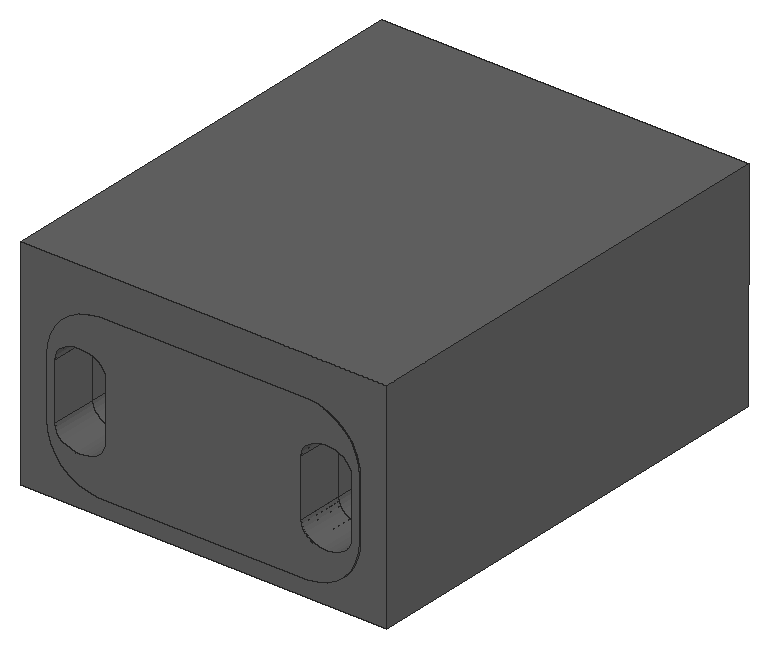
Revit family "AD-S.SUB - V Mount - Face-Based", category Generic Models, host Face, Revit 2015
Parameters
  Width = "8.2in(209mm)"
  Weight Product = "23.6lb (10.7kg)"
  URL = "https://www.qsc.com/systems/products/loudspeakers/small-format-subsat/acousticdesign-series-subsat-loudspeakers/ad-s-sub/"
  Sensitivity = "86dB"
  SPL Max = "100/106dB"
  Regulatory Compliance = "Transformer UL registered per UL1876, ROHS, CE compliant"
  Product Documentation Link = "https://www.qsc.com/resource-files/productresources/spk/ad/ad-s.sub/q_spk_ads_sub_specs.pdf"
  Model = "AD-S.SUB"
  Manufacturer = "QSC"
  Manfacturer URL = "www.qsc.com"
  Height = "13.8in(350mm)"
  Description = "6.5-inch Dual Voice Coil, Small Format Surface Subwoofer"
  Depth = "17in(432mm)"
  Default Elevation = 0' - 0"
  Coverage = "omnidirectional"
Reference planes (in)
  plane 1 "Center (Front/Back)": y = 0
  plane 2: z = 0
  plane 3 "Center (Left/Right)": x = 0
Dimensions and locks (in)
  aligned and locked: plane 2 to host face
  aligned and locked: level to host face
Nested families (in)
  nested 1: "AD-S.SUB - V Mount" at (1.56299, -13.16605, 0) x (0, 0, 1) z (0, -1, 0), type "AD-S.SUB - V Mount"
Definition of nested family "AD-S.SUB - V Mount"
  Parameters (values of type "AD-S.SUB - V Mount")
    Width = 0' - 8.22835"
    URL = "https://www.qsc.com/systems/products/loudspeakers/small-format-subsat/acousticdesign-series-subsat-loudspeakers/ad-s-sub/"
    Sensitivity = 86
    SPL Max = 100
    Product Page URL = "https://www.qsc.com/systems/products/loudspeakers/small-format-subsat/acousticdesign-series-subsat-loudspeakers/ad-s-sub/"
    Weight Product (kg) = 10.7
    Weight Product (lb) = 23.6
    Product Documentation URL = "https://www.qsc.com/resource-files/productresources/spk/ad/ad-s.sub/q_spk_ads_sub_specs.pdf"
    Model = "AD-S.SUB"
    Manufacturer URL = "www.qsc.com"
    Manufacturer = "QSC"
    Height = 1' - 1.77953"
    Grille Finish = none
    Enclosure Finish = none
    Description = "6.5-inch Dual Voice Coil, Small Format Surface Subwoofer"
    Depth = 1' - 5.00787"
  Reference planes (in)
    plane 1 "Center (Front/Back) (Grille Extent)": y = 0
    plane 2: z = 0
    plane 3 "Center (Left/Right)": x = 0
    plane 4 "Rotation Axis Plane": y = 131.92913
    plane 5: x = 0.15748
    plane 6: x = -0.15748
  Forms (in)
    Extrusion 1, solid
      sketch origin (4.97258, 0, 0) x (1, 0, 0) y (0, 1, 0)
        loop
          line (-4.09449, 6.88976) -> (-4.09449, -6.88976) -> (4.09449, -6.88976) -> (4.09449, 6.88976) -> (-4.09449, 6.88976)
      from 0 to -17.00787
    Extrusion 2, solid
      sketch origin (4.52756, -0.00958, 0) x (1, 0, 0) y (0, 1, 0)
        loop
          arc (-1.06825, 5.91143) -> (-2.46019, 5.33487) -> (-3.03675, 3.94293) r 1.9685
          line (-3.03675, 3.94293) -> (-3.03675, -3.92139)
          arc (-3.03675, -3.92139) -> (-2.46019, -5.31333) -> (-1.06825, -5.88989) r 1.9685
          line (-1.06825, -5.88989) -> (0, -5.88989) -> (1.06825, -5.88989)
          arc (1.06825, -5.88989) -> (2.46019, -5.31333) -> (3.03675, -3.92139) r 1.9685
          line (3.03675, -3.92139) -> (3.03675, 3.94293)
          arc (3.03675, 3.94293) -> (2.46019, 5.33487) -> (1.06825, 5.91143) r 1.9685
          line (1.06825, 5.91143) -> (0, 5.91143) -> (-1.06825, 5.91143)
      from 0 to -1.74557
    Extrusion 3, void
      sketch origin (4.48045, 0, 0) x (1, 0, 0) y (0, 1, 0)
        loop
          spline (-1.06825, 5.58563) -> (-1.2557, 5.55293) -> (-1.43038, 5.45706) -> (-1.58038, 5.30456) -> (-1.69548, 5.10581) -> (-1.76783, 4.87436) -> (-1.79251, 4.62598) -> (-1.76783, 4.37761) -> (-1.69548, 4.14616) -> (-1.58038, 3.94741) -> (-1.43038, 3.79491) -> (-1.2557, 3.69904) -> (-1.06825, 3.66634)
          line (-1.06825, 3.66634) -> (1.06825, 3.66634)
          spline (1.06825, 3.66634) -> (1.2557, 3.69904) -> (1.43038, 3.79491) -> (1.58038, 3.94741) -> (1.69548, 4.14616) -> (1.76783, 4.37761) -> (1.79251, 4.62598) -> (1.76783, 4.87436) -> (1.69548, 5.10581) -> (1.58038, 5.30456) -> (1.43038, 5.45706) -> (1.2557, 5.55293) -> (1.06825, 5.58563)
          line (1.06825, 5.58563) -> (-1.06825, 5.58563)
        loop
          line (-1.06825, -5.58563) -> (1.06825, -5.58563)
          spline (1.06825, -5.58563) -> (1.2557, -5.55293) -> (1.43038, -5.45706) -> (1.58038, -5.30456) -> (1.69548, -5.10581) -> (1.76783, -4.87436) -> (1.79251, -4.62598) -> (1.76783, -4.37761) -> (1.69548, -4.14616) -> (1.58038, -3.94741) -> (1.43038, -3.79491) -> (1.2557, -3.69904) -> (1.06825, -3.66634)
          line (1.06825, -3.66634) -> (-1.06825, -3.66634)
          spline (-1.06825, -3.66634) -> (-1.2557, -3.69904) -> (-1.43038, -3.79491) -> (-1.58038, -3.94741) -> (-1.69548, -4.14616) -> (-1.76783, -4.37761) -> (-1.79251, -4.62598) -> (-1.76783, -4.87436) -> (-1.69548, -5.10581) -> (-1.58038, -5.30456) -> (-1.43038, -5.45706) -> (-1.2557, -5.55293) -> (-1.06825, -5.58563)
      from -3.03467 to 2.40645
    Extrusion 4, void
      sketch origin (4.48045, 0, 0) x (1, 0, 0) y (0, 1, 0)
        loop
          line (0.55277, 4.65371) -> (0.55277, 4.45686) -> (1.34017, 4.45686) -> (1.34017, 4.65371) -> (0.55277, 4.65371)
      from -16.78166 to -19.91354
    Extrusion 5, void
      sketch origin (0, -0.96923, 0) x (1, 0, 0) y (0, 1, 0)
        loop
          line (0.55277, 4.65371) -> (0.55277, 4.45686) -> (1.34017, 4.45686) -> (1.34017, 4.65371) -> (0.55277, 4.65371)
      from -16.78166 to -19.91354
    Extrusion 6, void
      sketch origin (4.48045, -3.54331, 0) x (1, 0, 0) y (0, 1, 0)
        loop
          line (0.55277, 4.65371) -> (0.55277, 4.45686) -> (1.34017, 4.45686) -> (1.34017, 4.65371) -> (0.55277, 4.65371)
      from -16.78166 to -19.91354
    Extrusion 7, void
      sketch origin (4.48045, -3.54331, 0) x (-1, 0, 0) y (0, -1, 0)
        loop
          line (0.55277, -4.65371) -> (1.34017, -4.65371) -> (1.34017, -4.45686) -> (0.55277, -4.45686) -> (0.55277, -4.65371)
      from -16.78166 to -19.91354
    Extrusion 8, solid
      sketch origin (0.49213, 6.29921, -8.50394) x (1, 0, 0) y (0, 0, -1)
        loop
          line (0.38596, 1.9685) -> (-0.49002, 1.9685) -> (-0.49002, -1.9685) -> (0.38596, -1.9685) -> (0.38596, 1.9685)
      from -7.87402 to -1.37795
    Extrusion 9, solid
      sketch origin (0.49213, 6.29921, -8.50394) x (0, 0, -1) y (0, 1, 0)
        loop
          line (-1.9685, -1.37795) -> (-2.51969, -1.37795) -> (-3.45472, -7.87402) -> (-1.9685, -7.87402) -> (-1.9685, -1.37795)
        loop
          line (1.9685, -1.37795) -> (1.9685, -7.87402) -> (3.45472, -7.87402) -> (2.51969, -1.37795) -> (1.9685, -1.37795)
      from -0.15748 to 0.15748
  Cuts and joins
    Extrusion 3, Extrusion 4, Extrusion 5, Extrusion 6, Extrusion 7 cuts Extrusion 1
    Extrusion 3, Extrusion 6, Extrusion 7 cuts Extrusion 2
  Lines and regions (in)
    model lines, detail levels fine
      curve 1: line (5.21179, 2.81444, 0.06063) -> (4.97258, 3.12831, 0.03212)
      curve 2: line (4.97258, 3.12831, 0.03212) -> (5.21179, 2.81444, 0.06063)
      curve 3: line (4.10529, 2.85363, 0.05707) -> (4.19566, 3.17741, 0.02766)
      curve 4: line (4.19566, 3.17741, 0.02766) -> (4.10529, 2.85363, 0.05707)
      curve 5: line (4.25625, 2.63926, 0.07654) -> (4.18879, 3.23843, 0.02212)
      curve 6: line (4.18879, 3.23843, 0.02212) -> (4.25625, 2.63926, 0.07654)
      curve 7: line (5.5321, 3.05845, 0.03847) -> (5.74541, 2.90238, 0.05264)
      curve 8: line (5.74541, 2.90238, 0.05264) -> (5.5321, 3.05845, 0.03847)
      curve 25: line (4.12781, 3.75182, -5.98296) -> (4.12781, 4.0439, -5.76127)
      curve 26: line (4.12781, 4.0439, -5.76127) -> (4.12781, 3.75182, -5.98296)
      curve 27: line (4.12781, 3.7883, -4.9575) -> (4.12781, 4.08959, -5.04126)
      curve 28: line (4.12781, 4.08959, -5.04126) -> (4.12781, 3.7883, -4.9575)
      curve 29: line (4.12781, 3.5888, -5.09741) -> (4.12781, 4.14638, -5.03489)
      curve 30: line (4.12781, 4.14638, -5.03489) -> (4.12781, 3.5888, -5.09741)
      curve 31: line (4.12781, 3.9789, -6.27982) -> (4.12781, 3.83366, -6.47751)
      curve 32: line (4.12781, 3.83366, -6.47751) -> (4.12781, 3.9789, -6.27982)
    model lines, not visible, detail levels fine
      curve 9: line (-0.68506, 1.17355, 0.03125) -> (-0.92428, 1.48872, 0.03125)
      curve 10: line (-0.92428, 1.48872, 0.03125) -> (-0.68506, 1.17355, 0.03125)
      curve 11: line (-1.79156, 1.21291, 0.03125) -> (-1.70119, 1.53802, 0.03125)
      curve 12: line (-1.70119, 1.53802, 0.03125) -> (-1.79156, 1.21291, 0.03125)
      curve 13: line (-1.6406, 0.99765, 0.03125) -> (-1.70806, 1.59928, 0.03125)
      curve 14: line (-1.70806, 1.59928, 0.03125) -> (-1.6406, 0.99765, 0.03125)
      curve 15: line (-0.36475, 1.41857, 0.03125) -> (-0.15144, 1.26185, 0.03125)
      curve 16: line (-0.15144, 1.26185, 0.03125) -> (-0.36475, 1.41857, 0.03125)
      curve 17: line (0.65829, -2.35694, 1.02704) -> (0.4366, -2.06486, 1.02704)
      curve 18: line (0.4366, -2.06486, 1.02704) -> (0.65829, -2.35694, 1.02704)
      curve 19: line (-0.36717, -2.32047, 1.02704) -> (-0.28341, -2.01917, 1.02704)
      curve 20: line (-0.28341, -2.01917, 1.02704) -> (-0.36717, -2.32047, 1.02704)
      curve 21: line (-0.22727, -2.51996, 1.02704) -> (-0.28978, -1.96239, 1.02704)
      curve 22: line (-0.28978, -1.96239, 1.02704) -> (-0.22727, -2.51996, 1.02704)
      curve 23: line (0.95515, -2.12986, 1.02704) -> (1.15283, -2.27511, 1.02704)
      curve 24: line (1.15283, -2.27511, 1.02704) -> (0.95515, -2.12986, 1.02704)
    model lines, not visible, detail levels medium+fine
      curve 33: circle (0, 7.52183, 0) r 0.64961 normal (0, 0, 1)
  Dimensions and locks (in)
    aligned and locked: plane 2 to level
  Connectors (in)
    electrical at (5.42692, 4.55529, -19.91354)
      settings: on Extrusion 4, index 1, voltage 0 V, apparent load 0 VA, apparent load phase1 0 VA, apparent load phase2 0 VA, apparent load phase3 0 VA, power factor 1, load classification none, number of poles 1, system type 14, power factor state 1, is connector primary yes, connector utility no, sub classification motor no, connector description ""
    electrical at (0.94647, 3.58606, -19.91354)
      settings: on Extrusion 5, index 2, voltage 0 V, apparent load 0 VA, apparent load phase1 0 VA, apparent load phase2 0 VA, apparent load phase3 0 VA, power factor 1, load classification none, number of poles 1, system type 14, power factor state 1, is connector primary no, connector utility no, sub classification motor no, connector description ""
